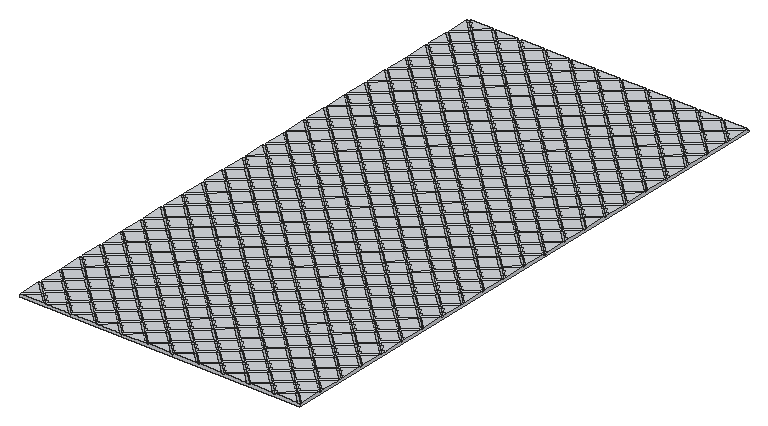
Revit family "J2 PET Felt Engraved Hatchl", category Generic Models, host Face, Revit 2022
Family settings
  Host = Face
  Can host rebar = No
  Round Connector Dimension = Use Diameter
  Part Type = Normal
  Cut with Voids When Loaded = No
  Maintain Annotation Orientation = No
  Shared = No
  Room Calculation Point = No
Parameters
  URL = "https://www.j2systems.net/"
  Symbol Name = "FPEHCH"  # constant formula
  Style Number = "FPEHCH"  # constant formula
  Release Date = "2019"  # constant formula
  Product Line = "Engraved Panels"  # constant formula
  Model = "Hatch"  # constant formula
  Manufacturer = "J2 Systems"  # constant formula
  Felt color = none
  Default Elevation = 0' - 0"
Reference planes (in)
  plane 1 "Center (Front/Back)": y = 0
  plane 2: z = 0
  plane 3 "Center (Left/Right)": x = 0
Forms (in)
  Extrusion 1, solid, material <- "Felt color"
    sketch origin (0, 0, 0) x (1, 0, 0) y (0, 1, 0)
      loop
        line (0, 0) -> (47, 0) -> (47, 94) -> (0, 94) -> (0, 0)
    from 0 to 0.5
  Sweep 2, void
    path origin (-16.61701, 16.61701, 0) x (0.707107, -0.707107, 0) y (0.707107, 0.707107, 0)
      loop
        line (23.5, -0.25) -> (23.5, 66.75)
    profile origin (23.5113, 23.5113, 0) x (-0.707107, 0.707107, 0) y (0, 0, 1)
      loop
        line (0, 0.25) -> (0.25, 0.5) -> (-0.25, 0.5) -> (0, 0.25)
  Sweep 3, void
    path origin (-16.61701, 20.88974, 0) x (0.707107, -0.707107, 0) y (0.707107, 0.707107, 0)
      loop
        line (23.5, -0.25) -> (23.5, 66.75)
    profile origin (23.5113, 27.78403, 0) x (-0.707107, 0.707107, 0) y (0, 0, 1)
      loop
        line (0, 0.25) -> (0.25, 0.5) -> (-0.25, 0.5) -> (0, 0.25)
  Sweep 4, void
    path origin (-16.61701, 25.16246, 0) x (0.707107, -0.707107, 0) y (0.707107, 0.707107, 0)
      loop
        line (23.5, -0.25) -> (23.5, 66.75)
    profile origin (23.5113, 32.05676, 0) x (-0.707107, 0.707107, 0) y (0, 0, 1)
      loop
        line (0, 0.25) -> (0.25, 0.5) -> (-0.25, 0.5) -> (0, 0.25)
  Sweep 5, void
    path origin (-16.61701, 29.43519, 0) x (0.707107, -0.707107, 0) y (0.707107, 0.707107, 0)
      loop
        line (23.5, -0.25) -> (23.5, 66.75)
    profile origin (23.5113, 36.32948, 0) x (-0.707107, 0.707107, 0) y (0, 0, 1)
      loop
        line (0, 0.25) -> (0.25, 0.5) -> (-0.25, 0.5) -> (0, 0.25)
  Sweep 6, void
    path origin (-16.61701, 33.70792, 0) x (0.707107, -0.707107, 0) y (0.707107, 0.707107, 0)
      loop
        line (23.5, -0.25) -> (23.5, 66.75)
    profile origin (23.5113, 40.60221, 0) x (-0.707107, 0.707107, 0) y (0, 0, 1)
      loop
        line (0, 0.25) -> (0.25, 0.5) -> (-0.25, 0.5) -> (0, 0.25)
  Sweep 7, void
    path origin (-16.61701, 37.98065, 0) x (0.707107, -0.707107, 0) y (0.707107, 0.707107, 0)
      loop
        line (23.5, -0.25) -> (23.5, 66.75)
    profile origin (23.5113, 44.87494, 0) x (-0.707107, 0.707107, 0) y (0, 0, 1)
      loop
        line (0, 0.25) -> (0.25, 0.5) -> (-0.25, 0.5) -> (0, 0.25)
  Sweep 8, void
    path origin (-16.61701, 42.25337, 0) x (0.707107, -0.707107, 0) y (0.707107, 0.707107, 0)
      loop
        line (23.5, -0.25) -> (23.5, 66.75)
    profile origin (23.5113, 49.14766, 0) x (-0.707107, 0.707107, 0) y (0, 0, 1)
      loop
        line (0, 0.25) -> (0.25, 0.5) -> (-0.25, 0.5) -> (0, 0.25)
  Sweep 9, void
    path origin (-16.61701, 46.5261, 0) x (0.707107, -0.707107, 0) y (0.707107, 0.707107, 0)
      loop
        line (23.5, -0.25) -> (23.5, 66.75)
    profile origin (23.5113, 53.42039, 0) x (-0.707107, 0.707107, 0) y (0, 0, 1)
      loop
        line (0, 0.25) -> (0.25, 0.5) -> (-0.25, 0.5) -> (0, 0.25)
  Sweep 10, void
    path origin (-16.61701, 50.79883, 0) x (0.707107, -0.707107, 0) y (0.707107, 0.707107, 0)
      loop
        line (23.5, -0.25) -> (23.5, 66.75)
    profile origin (23.5113, 57.69312, 0) x (-0.707107, 0.707107, 0) y (0, 0, 1)
      loop
        line (0, 0.25) -> (0.25, 0.5) -> (-0.25, 0.5) -> (0, 0.25)
  Sweep 11, void
    path origin (-16.61701, 55.07155, 0) x (0.707107, -0.707107, 0) y (0.707107, 0.707107, 0)
      loop
        line (23.5, -0.25) -> (23.5, 66.75)
    profile origin (23.5113, 61.96585, 0) x (-0.707107, 0.707107, 0) y (0, 0, 1)
      loop
        line (0, 0.25) -> (0.25, 0.5) -> (-0.25, 0.5) -> (0, 0.25)
  Sweep 12, void
    path origin (-16.61701, 59.34428, 0) x (0.707107, -0.707107, 0) y (0.707107, 0.707107, 0)
      loop
        line (23.5, -0.25) -> (23.5, 66.75)
    profile origin (23.5113, 66.23857, 0) x (-0.707107, 0.707107, 0) y (0, 0, 1)
      loop
        line (0, 0.25) -> (0.25, 0.5) -> (-0.25, 0.5) -> (0, 0.25)
  Sweep 13, void
    path origin (-16.61701, 63.61701, 0) x (0.707107, -0.707107, 0) y (0.707107, 0.707107, 0)
      loop
        line (23.5, -0.25) -> (23.5, 66.75)
    profile origin (23.5113, 70.5113, 0) x (-0.707107, 0.707107, 0) y (0, 0, 1)
      loop
        line (0, 0.25) -> (0.25, 0.5) -> (-0.25, 0.5) -> (0, 0.25)
  Sweep 14, void
    path origin (-16.61701, 67.88974, 0) x (0.707107, -0.707107, 0) y (0.707107, 0.707107, 0)
      loop
        line (23.5, -0.25) -> (23.5, 66.75)
    profile origin (23.5113, 74.78403, 0) x (-0.707107, 0.707107, 0) y (0, 0, 1)
      loop
        line (0, 0.25) -> (0.25, 0.5) -> (-0.25, 0.5) -> (0, 0.25)
  Sweep 15, void
    path origin (-16.61701, 72.16246, 0) x (0.707107, -0.707107, 0) y (0.707107, 0.707107, 0)
      loop
        line (23.5, -0.25) -> (23.5, 66.75)
    profile origin (23.5113, 79.05676, 0) x (-0.707107, 0.707107, 0) y (0, 0, 1)
      loop
        line (0, 0.25) -> (0.25, 0.5) -> (-0.25, 0.5) -> (0, 0.25)
  Sweep 16, void
    path origin (-16.61701, 76.43519, 0) x (0.707107, -0.707107, 0) y (0.707107, 0.707107, 0)
      loop
        line (23.5, -0.25) -> (23.5, 66.75)
    profile origin (23.5113, 83.32948, 0) x (-0.707107, 0.707107, 0) y (0, 0, 1)
      loop
        line (0, 0.25) -> (0.25, 0.5) -> (-0.25, 0.5) -> (0, 0.25)
  Sweep 17, void
    path origin (-16.61701, 80.70792, 0) x (0.707107, -0.707107, 0) y (0.707107, 0.707107, 0)
      loop
        line (23.5, -0.25) -> (23.5, 66.75)
    profile origin (23.5113, 87.60221, 0) x (-0.707107, 0.707107, 0) y (0, 0, 1)
      loop
        line (0, 0.25) -> (0.25, 0.5) -> (-0.25, 0.5) -> (0, 0.25)
  Sweep 18, void
    path origin (-16.61701, 84.98065, 0) x (0.707107, -0.707107, 0) y (0.707107, 0.707107, 0)
      loop
        line (23.5, -0.25) -> (23.5, 66.75)
    profile origin (23.5113, 91.87494, 0) x (-0.707107, 0.707107, 0) y (0, 0, 1)
      loop
        line (0, 0.25) -> (0.25, 0.5) -> (-0.25, 0.5) -> (0, 0.25)
  Sweep 19, void
    path origin (-16.61701, 89.25337, 0) x (0.707107, -0.707107, 0) y (0.707107, 0.707107, 0)
      loop
        line (23.5, -0.25) -> (23.5, 66.75)
    profile origin (23.5113, 96.14766, 0) x (-0.707107, 0.707107, 0) y (0, 0, 1)
      loop
        line (0, 0.25) -> (0.25, 0.5) -> (-0.25, 0.5) -> (0, 0.25)
  Sweep 20, void
    path origin (-16.61701, 93.5261, 0) x (0.707107, -0.707107, 0) y (0.707107, 0.707107, 0)
      loop
        line (23.5, -0.25) -> (23.5, 66.75)
    profile origin (23.5113, 100.42039, 0) x (-0.707107, 0.707107, 0) y (0, 0, 1)
      loop
        line (0, 0.25) -> (0.25, 0.5) -> (-0.25, 0.5) -> (0, 0.25)
  Sweep 21, void
    path origin (-16.61701, 97.79883, 0) x (0.707107, -0.707107, 0) y (0.707107, 0.707107, 0)
      loop
        line (23.5, -0.25) -> (23.5, 66.75)
    profile origin (23.5113, 104.69312, 0) x (-0.707107, 0.707107, 0) y (0, 0, 1)
      loop
        line (0, 0.25) -> (0.25, 0.5) -> (-0.25, 0.5) -> (0, 0.25)
  Sweep 22, void
    path origin (-16.61701, 102.07155, 0) x (0.707107, -0.707107, 0) y (0.707107, 0.707107, 0)
      loop
        line (23.5, -0.25) -> (23.5, 66.75)
    profile origin (23.5113, 108.96585, 0) x (-0.707107, 0.707107, 0) y (0, 0, 1)
      loop
        line (0, 0.25) -> (0.25, 0.5) -> (-0.25, 0.5) -> (0, 0.25)
  Sweep 23, void
    path origin (-16.61701, 106.34428, 0) x (0.707107, -0.707107, 0) y (0.707107, 0.707107, 0)
      loop
        line (23.5, -0.25) -> (23.5, 66.75)
    profile origin (23.5113, 113.23857, 0) x (-0.707107, 0.707107, 0) y (0, 0, 1)
      loop
        line (0, 0.25) -> (0.25, 0.5) -> (-0.25, 0.5) -> (0, 0.25)
  Sweep 24, void
    path origin (-16.61701, -30.38299, 0) x (0.707107, -0.707107, 0) y (0.707107, 0.707107, 0)
      loop
        line (23.5, -0.25) -> (23.5, 66.75)
    profile origin (23.5113, -23.4887, 0) x (-0.707107, 0.707107, 0) y (0, 0, 1)
      loop
        line (0, 0.25) -> (0.25, 0.5) -> (-0.25, 0.5) -> (0, 0.25)
  Sweep 25, void
    path origin (-16.61701, -26.11026, 0) x (0.707107, -0.707107, 0) y (0.707107, 0.707107, 0)
      loop
        line (23.5, -0.25) -> (23.5, 66.75)
    profile origin (23.5113, -19.21597, 0) x (-0.707107, 0.707107, 0) y (0, 0, 1)
      loop
        line (0, 0.25) -> (0.25, 0.5) -> (-0.25, 0.5) -> (0, 0.25)
  Sweep 26, void
    path origin (-16.61701, -21.83754, 0) x (0.707107, -0.707107, 0) y (0.707107, 0.707107, 0)
      loop
        line (23.5, -0.25) -> (23.5, 66.75)
    profile origin (23.5113, -14.94324, 0) x (-0.707107, 0.707107, 0) y (0, 0, 1)
      loop
        line (0, 0.25) -> (0.25, 0.5) -> (-0.25, 0.5) -> (0, 0.25)
  Sweep 27, void
    path origin (-16.61701, -17.56481, 0) x (0.707107, -0.707107, 0) y (0.707107, 0.707107, 0)
      loop
        line (23.5, -0.25) -> (23.5, 66.75)
    profile origin (23.5113, -10.67052, 0) x (-0.707107, 0.707107, 0) y (0, 0, 1)
      loop
        line (0, 0.25) -> (0.25, 0.5) -> (-0.25, 0.5) -> (0, 0.25)
  Sweep 28, void
    path origin (-16.61701, -13.29208, 0) x (0.707107, -0.707107, 0) y (0.707107, 0.707107, 0)
      loop
        line (23.5, -0.25) -> (23.5, 66.75)
    profile origin (23.5113, -6.39779, 0) x (-0.707107, 0.707107, 0) y (0, 0, 1)
      loop
        line (0, 0.25) -> (0.25, 0.5) -> (-0.25, 0.5) -> (0, 0.25)
  Sweep 29, void
    path origin (-16.61701, -9.01935, 0) x (0.707107, -0.707107, 0) y (0.707107, 0.707107, 0)
      loop
        line (23.5, -0.25) -> (23.5, 66.75)
    profile origin (23.5113, -2.12506, 0) x (-0.707107, 0.707107, 0) y (0, 0, 1)
      loop
        line (0, 0.25) -> (0.25, 0.5) -> (-0.25, 0.5) -> (0, 0.25)
  Sweep 30, void
    path origin (-16.61701, -4.74663, 0) x (0.707107, -0.707107, 0) y (0.707107, 0.707107, 0)
      loop
        line (23.5, -0.25) -> (23.5, 66.75)
    profile origin (23.5113, 2.14766, 0) x (-0.707107, 0.707107, 0) y (0, 0, 1)
      loop
        line (0, 0.25) -> (0.25, 0.5) -> (-0.25, 0.5) -> (0, 0.25)
  Sweep 31, void
    path origin (-16.61701, -0.4739, 0) x (0.707107, -0.707107, 0) y (0.707107, 0.707107, 0)
      loop
        line (23.5, -0.25) -> (23.5, 66.75)
    profile origin (23.5113, 6.42039, 0) x (-0.707107, 0.707107, 0) y (0, 0, 1)
      loop
        line (0, 0.25) -> (0.25, 0.5) -> (-0.25, 0.5) -> (0, 0.25)
  Sweep 32, void
    path origin (-16.61701, 3.79883, 0) x (0.707107, -0.707107, 0) y (0.707107, 0.707107, 0)
      loop
        line (23.5, -0.25) -> (23.5, 66.75)
    profile origin (23.5113, 10.69312, 0) x (-0.707107, 0.707107, 0) y (0, 0, 1)
      loop
        line (0, 0.25) -> (0.25, 0.5) -> (-0.25, 0.5) -> (0, 0.25)
  Sweep 33, void
    path origin (-16.61701, 8.07155, 0) x (0.707107, -0.707107, 0) y (0.707107, 0.707107, 0)
      loop
        line (23.5, -0.25) -> (23.5, 66.75)
    profile origin (23.5113, 14.96585, 0) x (-0.707107, 0.707107, 0) y (0, 0, 1)
      loop
        line (0, 0.25) -> (0.25, 0.5) -> (-0.25, 0.5) -> (0, 0.25)
  Sweep 34, void
    path origin (-16.61701, 12.34428, 0) x (0.707107, -0.707107, 0) y (0.707107, 0.707107, 0)
      loop
        line (23.5, -0.25) -> (23.5, 66.75)
    profile origin (23.5113, 19.23857, 0) x (-0.707107, 0.707107, 0) y (0, 0, 1)
      loop
        line (0, 0.25) -> (0.25, 0.5) -> (-0.25, 0.5) -> (0, 0.25)
  Sweep 35, void
    path origin (-16.61701, 110.61701, 0) x (0.707107, -0.707107, 0) y (0.707107, 0.707107, 0)
      loop
        line (23.5, -0.25) -> (23.5, 66.75)
    profile origin (23.5113, 117.5113, 0) x (-0.707107, 0.707107, 0) y (0, 0, 1)
      loop
        line (0, 0.25) -> (0.25, 0.5) -> (-0.25, 0.5) -> (0, 0.25)
  Sweep 36, void
    path origin (30.40559, -8.09416, 0) x (0.707107, 0.707107, 0) y (-0.707107, 0.707107, 0)
      loop
        line (23.5, -0.25) -> (23.5, 66.75)
    profile origin (23.5113, 32.03415, 0) x (-0.707107, -0.707107, 0) y (0, 0, 1)
      loop
        line (0, 0.25) -> (0.25, 0.5) -> (-0.25, 0.5) -> (0, 0.25)
  Sweep 37, void
    path origin (30.40559, -3.82143, 0) x (0.707107, 0.707107, 0) y (-0.707107, 0.707107, 0)
      loop
        line (23.5, -0.25) -> (23.5, 66.75)
    profile origin (23.5113, 36.30688, 0) x (-0.707107, -0.707107, 0) y (0, 0, 1)
      loop
        line (0, 0.25) -> (0.25, 0.5) -> (-0.25, 0.5) -> (0, 0.25)
  Sweep 38, void
    path origin (30.40559, 0.4513, 0) x (0.707107, 0.707107, 0) y (-0.707107, 0.707107, 0)
      loop
        line (23.5, -0.25) -> (23.5, 66.75)
    profile origin (23.5113, 40.57961, 0) x (-0.707107, -0.707107, 0) y (0, 0, 1)
      loop
        line (0, 0.25) -> (0.25, 0.5) -> (-0.25, 0.5) -> (0, 0.25)
  Sweep 39, void
    path origin (30.40559, 4.72403, 0) x (0.707107, 0.707107, 0) y (-0.707107, 0.707107, 0)
      loop
        line (23.5, -0.25) -> (23.5, 66.75)
    profile origin (23.5113, 44.85234, 0) x (-0.707107, -0.707107, 0) y (0, 0, 1)
      loop
        line (0, 0.25) -> (0.25, 0.5) -> (-0.25, 0.5) -> (0, 0.25)
  Sweep 40, void
    path origin (30.40559, 8.99675, 0) x (0.707107, 0.707107, 0) y (-0.707107, 0.707107, 0)
      loop
        line (23.5, -0.25) -> (23.5, 66.75)
    profile origin (23.5113, 49.12506, 0) x (-0.707107, -0.707107, 0) y (0, 0, 1)
      loop
        line (0, 0.25) -> (0.25, 0.5) -> (-0.25, 0.5) -> (0, 0.25)
  Sweep 41, void
    path origin (30.40559, 13.26948, 0) x (0.707107, 0.707107, 0) y (-0.707107, 0.707107, 0)
      loop
        line (23.5, -0.25) -> (23.5, 66.75)
    profile origin (23.5113, 53.39779, 0) x (-0.707107, -0.707107, 0) y (0, 0, 1)
      loop
        line (0, 0.25) -> (0.25, 0.5) -> (-0.25, 0.5) -> (0, 0.25)
  Sweep 42, void
    path origin (30.40559, 17.54221, 0) x (0.707107, 0.707107, 0) y (-0.707107, 0.707107, 0)
      loop
        line (23.5, -0.25) -> (23.5, 66.75)
    profile origin (23.5113, 57.67052, 0) x (-0.707107, -0.707107, 0) y (0, 0, 1)
      loop
        line (0, 0.25) -> (0.25, 0.5) -> (-0.25, 0.5) -> (0, 0.25)
  Sweep 43, void
    path origin (30.40559, 21.81494, 0) x (0.707107, 0.707107, 0) y (-0.707107, 0.707107, 0)
      loop
        line (23.5, -0.25) -> (23.5, 66.75)
    profile origin (23.5113, 61.94324, 0) x (-0.707107, -0.707107, 0) y (0, 0, 1)
      loop
        line (0, 0.25) -> (0.25, 0.5) -> (-0.25, 0.5) -> (0, 0.25)
  Sweep 44, void
    path origin (30.40559, 26.08766, 0) x (0.707107, 0.707107, 0) y (-0.707107, 0.707107, 0)
      loop
        line (23.5, -0.25) -> (23.5, 66.75)
    profile origin (23.5113, 66.21597, 0) x (-0.707107, -0.707107, 0) y (0, 0, 1)
      loop
        line (0, 0.25) -> (0.25, 0.5) -> (-0.25, 0.5) -> (0, 0.25)
  Sweep 45, void
    path origin (30.40559, 30.36039, 0) x (0.707107, 0.707107, 0) y (-0.707107, 0.707107, 0)
      loop
        line (23.5, -0.25) -> (23.5, 66.75)
    profile origin (23.5113, 70.4887, 0) x (-0.707107, -0.707107, 0) y (0, 0, 1)
      loop
        line (0, 0.25) -> (0.25, 0.5) -> (-0.25, 0.5) -> (0, 0.25)
  Sweep 46, void
    path origin (30.40559, 34.63312, 0) x (0.707107, 0.707107, 0) y (-0.707107, 0.707107, 0)
      loop
        line (23.5, -0.25) -> (23.5, 66.75)
    profile origin (23.5113, 74.76143, 0) x (-0.707107, -0.707107, 0) y (0, 0, 1)
      loop
        line (0, 0.25) -> (0.25, 0.5) -> (-0.25, 0.5) -> (0, 0.25)
  Sweep 47, void
    path origin (30.40559, 38.90584, 0) x (0.707107, 0.707107, 0) y (-0.707107, 0.707107, 0)
      loop
        line (23.5, -0.25) -> (23.5, 66.75)
    profile origin (23.5113, 79.03415, 0) x (-0.707107, -0.707107, 0) y (0, 0, 1)
      loop
        line (0, 0.25) -> (0.25, 0.5) -> (-0.25, 0.5) -> (0, 0.25)
  Sweep 48, void
    path origin (30.40559, 43.17857, 0) x (0.707107, 0.707107, 0) y (-0.707107, 0.707107, 0)
      loop
        line (23.5, -0.25) -> (23.5, 66.75)
    profile origin (23.5113, 83.30688, 0) x (-0.707107, -0.707107, 0) y (0, 0, 1)
      loop
        line (0, 0.25) -> (0.25, 0.5) -> (-0.25, 0.5) -> (0, 0.25)
  Sweep 49, void
    path origin (30.40559, 47.4513, 0) x (0.707107, 0.707107, 0) y (-0.707107, 0.707107, 0)
      loop
        line (23.5, -0.25) -> (23.5, 66.75)
    profile origin (23.5113, 87.57961, 0) x (-0.707107, -0.707107, 0) y (0, 0, 1)
      loop
        line (0, 0.25) -> (0.25, 0.5) -> (-0.25, 0.5) -> (0, 0.25)
  Sweep 50, void
    path origin (30.40559, 51.72403, 0) x (0.707107, 0.707107, 0) y (-0.707107, 0.707107, 0)
      loop
        line (23.5, -0.25) -> (23.5, 66.75)
    profile origin (23.5113, 91.85234, 0) x (-0.707107, -0.707107, 0) y (0, 0, 1)
      loop
        line (0, 0.25) -> (0.25, 0.5) -> (-0.25, 0.5) -> (0, 0.25)
  Sweep 51, void
    path origin (30.40559, 55.99675, 0) x (0.707107, 0.707107, 0) y (-0.707107, 0.707107, 0)
      loop
        line (23.5, -0.25) -> (23.5, 66.75)
    profile origin (23.5113, 96.12506, 0) x (-0.707107, -0.707107, 0) y (0, 0, 1)
      loop
        line (0, 0.25) -> (0.25, 0.5) -> (-0.25, 0.5) -> (0, 0.25)
  Sweep 52, void
    path origin (30.40559, 60.26948, 0) x (0.707107, 0.707107, 0) y (-0.707107, 0.707107, 0)
      loop
        line (23.5, -0.25) -> (23.5, 66.75)
    profile origin (23.5113, 100.39779, 0) x (-0.707107, -0.707107, 0) y (0, 0, 1)
      loop
        line (0, 0.25) -> (0.25, 0.5) -> (-0.25, 0.5) -> (0, 0.25)
  Sweep 53, void
    path origin (30.40559, 64.54221, 0) x (0.707107, 0.707107, 0) y (-0.707107, 0.707107, 0)
      loop
        line (23.5, -0.25) -> (23.5, 66.75)
    profile origin (23.5113, 104.67052, 0) x (-0.707107, -0.707107, 0) y (0, 0, 1)
      loop
        line (0, 0.25) -> (0.25, 0.5) -> (-0.25, 0.5) -> (0, 0.25)
  Sweep 54, void
    path origin (30.40559, 68.81494, 0) x (0.707107, 0.707107, 0) y (-0.707107, 0.707107, 0)
      loop
        line (23.5, -0.25) -> (23.5, 66.75)
    profile origin (23.5113, 108.94324, 0) x (-0.707107, -0.707107, 0) y (0, 0, 1)
      loop
        line (0, 0.25) -> (0.25, 0.5) -> (-0.25, 0.5) -> (0, 0.25)
  Sweep 55, void
    path origin (30.40559, 73.08766, 0) x (0.707107, 0.707107, 0) y (-0.707107, 0.707107, 0)
      loop
        line (23.5, -0.25) -> (23.5, 66.75)
    profile origin (23.5113, 113.21597, 0) x (-0.707107, -0.707107, 0) y (0, 0, 1)
      loop
        line (0, 0.25) -> (0.25, 0.5) -> (-0.25, 0.5) -> (0, 0.25)
  Sweep 56, void
    path origin (30.40559, -50.82143, 0) x (0.707107, 0.707107, 0) y (-0.707107, 0.707107, 0)
      loop
        line (23.5, -0.25) -> (23.5, 66.75)
    profile origin (23.5113, -10.69312, 0) x (-0.707107, -0.707107, 0) y (0, 0, 1)
      loop
        line (0, 0.25) -> (0.25, 0.5) -> (-0.25, 0.5) -> (0, 0.25)
  Sweep 57, void
    path origin (30.40559, -46.5487, 0) x (0.707107, 0.707107, 0) y (-0.707107, 0.707107, 0)
      loop
        line (23.5, -0.25) -> (23.5, 66.75)
    profile origin (23.5113, -6.42039, 0) x (-0.707107, -0.707107, 0) y (0, 0, 1)
      loop
        line (0, 0.25) -> (0.25, 0.5) -> (-0.25, 0.5) -> (0, 0.25)
  Sweep 58, void
    path origin (30.40559, -42.27597, 0) x (0.707107, 0.707107, 0) y (-0.707107, 0.707107, 0)
      loop
        line (23.5, -0.25) -> (23.5, 66.75)
    profile origin (23.5113, -2.14766, 0) x (-0.707107, -0.707107, 0) y (0, 0, 1)
      loop
        line (0, 0.25) -> (0.25, 0.5) -> (-0.25, 0.5) -> (0, 0.25)
  Sweep 59, void
    path origin (30.40559, -38.00325, 0) x (0.707107, 0.707107, 0) y (-0.707107, 0.707107, 0)
      loop
        line (23.5, -0.25) -> (23.5, 66.75)
    profile origin (23.5113, 2.12506, 0) x (-0.707107, -0.707107, 0) y (0, 0, 1)
      loop
        line (0, 0.25) -> (0.25, 0.5) -> (-0.25, 0.5) -> (0, 0.25)
  Sweep 60, void
    path origin (30.40559, -33.73052, 0) x (0.707107, 0.707107, 0) y (-0.707107, 0.707107, 0)
      loop
        line (23.5, -0.25) -> (23.5, 66.75)
    profile origin (23.5113, 6.39779, 0) x (-0.707107, -0.707107, 0) y (0, 0, 1)
      loop
        line (0, 0.25) -> (0.25, 0.5) -> (-0.25, 0.5) -> (0, 0.25)
  Sweep 61, void
    path origin (30.40559, -29.45779, 0) x (0.707107, 0.707107, 0) y (-0.707107, 0.707107, 0)
      loop
        line (23.5, -0.25) -> (23.5, 66.75)
    profile origin (23.5113, 10.67052, 0) x (-0.707107, -0.707107, 0) y (0, 0, 1)
      loop
        line (0, 0.25) -> (0.25, 0.5) -> (-0.25, 0.5) -> (0, 0.25)
  Sweep 62, void
    path origin (30.40559, -25.18506, 0) x (0.707107, 0.707107, 0) y (-0.707107, 0.707107, 0)
      loop
        line (23.5, -0.25) -> (23.5, 66.75)
    profile origin (23.5113, 14.94324, 0) x (-0.707107, -0.707107, 0) y (0, 0, 1)
      loop
        line (0, 0.25) -> (0.25, 0.5) -> (-0.25, 0.5) -> (0, 0.25)
  Sweep 63, void
    path origin (30.40559, -20.91234, 0) x (0.707107, 0.707107, 0) y (-0.707107, 0.707107, 0)
      loop
        line (23.5, -0.25) -> (23.5, 66.75)
    profile origin (23.5113, 19.21597, 0) x (-0.707107, -0.707107, 0) y (0, 0, 1)
      loop
        line (0, 0.25) -> (0.25, 0.5) -> (-0.25, 0.5) -> (0, 0.25)
  Sweep 64, void
    path origin (30.40559, -16.63961, 0) x (0.707107, 0.707107, 0) y (-0.707107, 0.707107, 0)
      loop
        line (23.5, -0.25) -> (23.5, 66.75)
    profile origin (23.5113, 23.4887, 0) x (-0.707107, -0.707107, 0) y (0, 0, 1)
      loop
        line (0, 0.25) -> (0.25, 0.5) -> (-0.25, 0.5) -> (0, 0.25)
  Sweep 65, void
    path origin (30.40559, -12.36688, 0) x (0.707107, 0.707107, 0) y (-0.707107, 0.707107, 0)
      loop
        line (23.5, -0.25) -> (23.5, 66.75)
    profile origin (23.5113, 27.76143, 0) x (-0.707107, -0.707107, 0) y (0, 0, 1)
      loop
        line (0, 0.25) -> (0.25, 0.5) -> (-0.25, 0.5) -> (0, 0.25)
  Sweep 66, void
    path origin (30.40559, -59.36688, 0) x (0.707107, 0.707107, 0) y (-0.707107, 0.707107, 0)
      loop
        line (23.5, -0.25) -> (23.5, 66.75)
    profile origin (23.5113, -19.23857, 0) x (-0.707107, -0.707107, 0) y (0, 0, 1)
      loop
        line (0, 0.25) -> (0.25, 0.5) -> (-0.25, 0.5) -> (0, 0.25)
  Sweep 67, void
    path origin (30.40559, -55.09416, 0) x (0.707107, 0.707107, 0) y (-0.707107, 0.707107, 0)
      loop
        line (23.5, -0.25) -> (23.5, 66.75)
    profile origin (23.5113, -14.96585, 0) x (-0.707107, -0.707107, 0) y (0, 0, 1)
      loop
        line (0, 0.25) -> (0.25, 0.5) -> (-0.25, 0.5) -> (0, 0.25)
Cuts and joins
  Sweep 2, Sweep 3, Sweep 4, Sweep 5, Sweep 6, Sweep 7, Sweep 8, Sweep 9, Sweep 10, Sweep 11, Sweep 12, Sweep 13, Sweep 14, Sweep 15, Sweep 16, Sweep 17, Sweep 18, Sweep 19, Sweep 20, Sweep 21, Sweep 22, Sweep 23, Sweep 24, Sweep 25, Sweep 26, Sweep 27, Sweep 28, Sweep 29, Sweep 30, Sweep 31, Sweep 32, Sweep 33, Sweep 34, Sweep 35, Sweep 36, Sweep 37, Sweep 38, Sweep 39, Sweep 40, Sweep 41, Sweep 42, Sweep 43, Sweep 44, Sweep 45, Sweep 46, Sweep 47, Sweep 48, Sweep 49, Sweep 50, Sweep 51, Sweep 52, Sweep 53, Sweep 54, Sweep 55, Sweep 56, Sweep 57, Sweep 58, Sweep 59, Sweep 60, Sweep 61, Sweep 62, Sweep 63, Sweep 64, Sweep 65, Sweep 66, Sweep 67 cuts Extrusion 1
Dimensions and locks (in)
  aligned and locked: host face to plane 2
  aligned and locked: level to host face
